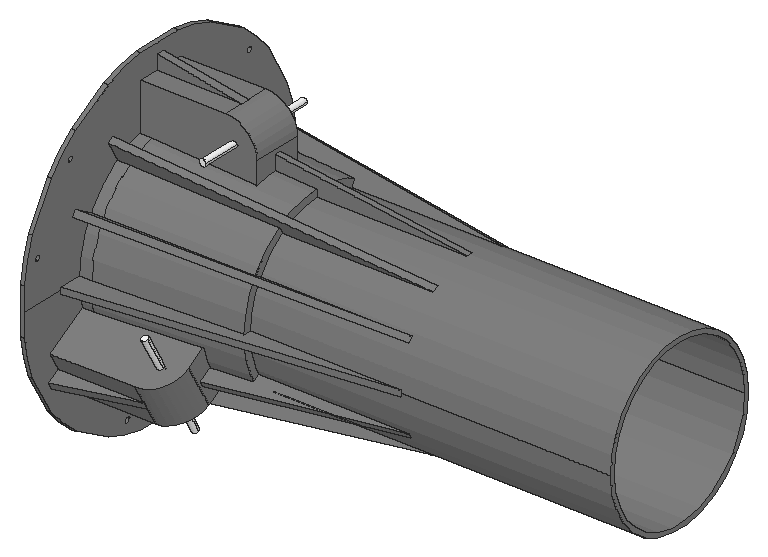
Revit family "H65FWS-RR", category Pipe Accessories, Revit 2016
Family settings
  Part Type = Breaks Into
  Round Connector Dimension = Use Diameter
  Work Plane-Based = No
  Always vertical = No
  Cut with Voids When Loaded = No
  Shared = No
Parameters
  URL = "http://www.snapcollars.com.au"
  Model = "H56FWS-RR"
  Manufacturer = "Snap Fire Systems"
  Description = "The H65FWS-RR is a high-top, cast-in fire collar for concrete slabs 150mm or thicker.\r\n\r\nThe H65FWS-RR is a high-top, cast-in fire collar for concrete slabs 150mm or thicker. Approved for floorwaste & shower applications."
  Cut Depth Offset [instance] = -1 * (Cut Depth + 1 mm)  # -1 mm
  Cut Depth [instance] = 0 mm
Reference planes
  plane 1 "Center (Front/Back)": y = 0
  plane 2: z = 0
  plane 3 "Center (Left/Right)": x = 20
  plane 4: x = -230
  plane 5: x = -80
  plane 6: y = 90.593
  plane 7: y = -50
  plane 8: y = 100.593
  plane 9: y = -60
  plane 10: x = -99.679
  plane 11: x = -79.975
Forms (mm)
  Revolve 1, solid, material "PVC-Black", detail levels medium+fine
    sketch origin (0, 0, 0) x (1, 0, 0) y (0, 1, 0)
      loop
        line (21, -39.138) -> (-152, -39.138) -> (-222.776, -46.386) -> (-230, -46.386) -> (-230, -81.386) -> (-227.967, -81.386) -> (-227.967, -48.273) -> (-221.904, -48.273) -> (-152, -44.61) -> (-152, -41.138) -> (21, -41.138) -> (21, -39.138)
      axis (-230, 0) -> (21, 0)
    angle from 0 to 360
  Extrusion 2, void
    sketch origin (-227.967, 0, 0) x (0, 1, 0) y (0, 0, -1)
      loop
        line (-21.601, -80.615) -> (21.601, -80.615) -> (59.014, -59.014) -> (80.615, -21.601) -> (80.615, 21.601) -> (59.014, 59.014) -> (21.601, 80.615) -> (-21.601, 80.615) -> (-59.014, 59.014) -> (-80.615, 21.601) -> (-80.615, -21.601) -> (-59.014, -59.014) -> (-21.601, -80.615)
      loop
        circle (0, 0) r 93.086
    from 0 to 2.033
  Extrusion 3, void
    sketch origin (-227.967, 0, 0) x (0, 1, 0) y (0, 0, -1)
      loop
        circle (53.437, -53.449) r 1.5
      loop
        circle (73.002, -19.569) r 1.5
      loop
        circle (19.569, 73.002) r 1.5
      loop
        circle (-19.553, 73.006) r 1.5
      loop
        circle (-73.006, -19.553) r 1.5
      loop
        circle (-53.449, -53.437) r 1.5
    from 0 to 2.033
  Extrusion 4, solid, material "PVC-Black", detail levels fine
    sketch origin (0, 0, 0) x (1, 0, 0) y (0, 1, 0)
      loop
        line (-80, -41.131) -> (-227.967, -59.587) -> (-227.967, -48.244) -> (-221.904, -48.244) -> (-152, -44.61) -> (-152, -41.138) -> (-80.051, -41.138)
    from -1.5 to 1.5
  Extrusion 5, solid, material "PVC-Black", detail levels medium+fine
    sketch origin (0, 0, 0) x (1, 0, 0) y (0, 0, 1)
      loop
        line (-227.967, 69.12) -> (-227.967, 41.138) -> (-171.967, 41.138) -> (-171.967, 54.12)
        arc (-171.967, 54.12) -> (-176.361, 64.727) -> (-186.967, 69.12) r 15
        line (-186.967, 69.12) -> (-227.967, 69.12)
    from -12 to 12
  Extrusion 6, solid, material "PVC-Black", detail levels fine
    sketch origin (0, 0, 0) x (1, 0, 0) y (0, 0, 1)
      loop
        line (-227.967, 75.943) -> (-227.967, 69.12) -> (-186.967, 69.12) -> (-227.967, 75.943)
    from -2 to 2
  Extrusion 7, solid, material "PVC-White", not visible, detail levels fine
    sketch origin (0, 0, 0) x (1, 0, 0) y (0, 0, 1)
      loop
        line (-80, 60.418) -> (-227.967, 86.048) -> (-227.967, 69.12) -> (-80, 60.418)
    from -1.5 to 1.5
  Extrusion 8, solid, material "PVC-White", not visible, detail levels fine
    sketch origin (0, 0, 0) x (1, 0, 0) y (0, -0.5, 0.866025)
      loop
        line (-80, 60.418) -> (-227.967, 86.048) -> (-227.967, 69.12) -> (-80, 60.418)
    from -1.5 to 1.5
  Extrusion 9, solid, material "PVC-White", not visible, detail levels fine
    sketch origin (0, 0, 0) x (1, 0, 0) y (0, -0.866025, 0.5)
      loop
        line (-80, 60.418) -> (-227.967, 86.048) -> (-227.967, 69.12) -> (-80, 60.418)
    from -1.5 to 1.5
  Extrusion 10, solid, material "PVC-White", not visible, detail levels fine
    sketch origin (0, 0, 0) x (0, -1, 0) y (-1, 0, 0)
      loop
        line (60.418, 80) -> (86.048, 227.967) -> (69.12, 227.967) -> (60.418, 80)
    from -1.5 to 1.5
  Extrusion 11, solid, material "PVC-White", not visible, detail levels fine
    sketch origin (0, 0, 0) x (1, 0, 0) y (0, -0.866025, -0.5)
      loop
        line (-80, 60.418) -> (-227.967, 86.048) -> (-227.967, 69.12) -> (-80, 60.418)
    from -1.5 to 1.5
  Extrusion 12, solid, material "PVC-White", not visible, detail levels fine
    sketch origin (0, 0, 0) x (1, 0, 0) y (0, -0.5, -0.866025)
      loop
        line (-80, 60.418) -> (-227.967, 86.048) -> (-227.967, 69.12) -> (-80, 60.418)
    from -1.5 to 1.5
  Extrusion 13, solid, material "PVC-White", not visible, detail levels fine
    sketch origin (0, 0, 0) x (1, 0, 0) y (0, 0, -1)
      loop
        line (-80, 60.418) -> (-227.967, 86.048) -> (-227.967, 69.12) -> (-80, 60.418)
    from -1.5 to 1.5
  Extrusion 14, solid, material "PVC-White", not visible, detail levels fine
    sketch origin (0, 0, 0) x (1, 0, 0) y (0, 0.5, -0.866025)
      loop
        line (-80, 60.418) -> (-227.967, 86.048) -> (-227.967, 69.12) -> (-80, 60.418)
    from -1.5 to 1.5
  Extrusion 15, solid, material "PVC-White", not visible, detail levels fine
    sketch origin (0, 0, 0) x (1, 0, 0) y (0, 0.866025, -0.5)
      loop
        line (-80, 60.418) -> (-227.967, 86.048) -> (-227.967, 69.12) -> (-80, 60.418)
    from -1.5 to 1.5
  Extrusion 16, solid, material "PVC-White", not visible, detail levels fine
    sketch origin (0, 0, 0) x (1, 0, 0) y (0, 1, 0)
      loop
        line (-80, 60.418) -> (-227.967, 86.048) -> (-227.967, 69.12) -> (-80, 60.418)
    from -1.5 to 1.5
  Extrusion 17, solid, material "PVC-White", not visible, detail levels fine
    sketch origin (0, 0, 0) x (1, 0, 0) y (0, 0.866025, 0.5)
      loop
        line (-80, 60.418) -> (-227.967, 86.048) -> (-227.967, 69.12) -> (-80, 60.418)
    from -1.5 to 1.5
  Extrusion 18, solid, material "PVC-White", not visible, detail levels fine
    sketch origin (0, 0, 0) x (1, 0, 0) y (0, 0.5, 0.866025)
      loop
        line (-80, 60.418) -> (-227.967, 86.048) -> (-227.967, 69.12) -> (-80, 60.418)
    from -1.5 to 1.5
  Extrusion 19, solid, material "PVC-White", detail levels fine
    sketch origin (-25.899, 0, -22.494) x (1, 0, 0) y (0, 0, 1)
      loop
        circle (-157.362, 79.878) r 1.5
    from -30 to 30
  Extrusion 20, solid, material "PVC-Black", detail levels fine
    sketch origin (0, 0, 0) x (1, 0, 0) y (0, 0.866025, -0.5)
      loop
        line (-80, -41.131) -> (-227.967, -59.587) -> (-227.967, -48.244) -> (-221.904, -48.244) -> (-152, -44.61) -> (-152, -41.138) -> (-80.051, -41.138)
    from -1.5 to 1.5
  Extrusion 21, solid, material "PVC-Black", detail levels fine
    sketch origin (0, 0, 0) x (1, 0, 0) y (0, 0.5, -0.866025)
      loop
        line (-80, -41.131) -> (-227.967, -59.587) -> (-227.967, -48.244) -> (-221.904, -48.244) -> (-152, -44.61) -> (-152, -41.138) -> (-80.051, -41.138)
    from -1.5 to 1.5
  Extrusion 22, solid, material "PVC-Black", detail levels fine
    sketch origin (0, 0, 0) x (1, 0, 0) y (0, 0, -1)
      loop
        line (-80, -41.131) -> (-227.967, -59.587) -> (-227.967, -48.244) -> (-221.904, -48.244) -> (-152, -44.61) -> (-152, -41.138) -> (-80.051, -41.138)
    from -1.5 to 1.5
  Extrusion 23, solid, material "PVC-Black", detail levels fine
    sketch origin (0, 0, 0) x (1, 0, 0) y (0, -0.5, -0.866025)
      loop
        line (-80, -41.131) -> (-227.967, -59.587) -> (-227.967, -48.244) -> (-221.904, -48.244) -> (-152, -44.61) -> (-152, -41.138) -> (-80.051, -41.138)
    from -1.5 to 1.5
  Extrusion 24, solid, material "PVC-Black", detail levels fine
    sketch origin (0, 0, 0) x (1, 0, 0) y (0, -0.866025, -0.5)
      loop
        line (-80, -41.131) -> (-227.967, -59.587) -> (-227.967, -48.244) -> (-221.904, -48.244) -> (-152, -44.61) -> (-152, -41.138) -> (-80.051, -41.138)
    from -1.5 to 1.5
  Extrusion 25, solid, material "PVC-Black", detail levels fine
    sketch origin (0, 0, 0) x (0, -1, 0) y (-1, 0, 0)
      loop
        line (-41.131, 80) -> (-59.587, 227.967) -> (-48.244, 227.967) -> (-48.244, 221.904) -> (-44.61, 152) -> (-41.138, 152) -> (-41.138, 80.051)
    from -1.5 to 1.5
  Extrusion 26, solid, material "PVC-Black", detail levels fine
    sketch origin (0, 0, 0) x (1, 0, 0) y (0, -0.866025, 0.5)
      loop
        line (-80, -41.131) -> (-227.967, -59.587) -> (-227.967, -48.244) -> (-221.904, -48.244) -> (-152, -44.61) -> (-152, -41.138) -> (-80.051, -41.138)
    from -1.5 to 1.5
  Extrusion 27, solid, material "PVC-Black", detail levels fine
    sketch origin (0, 0, 0) x (1, 0, 0) y (0, -0.5, 0.866025)
      loop
        line (-80, -41.131) -> (-227.967, -59.587) -> (-227.967, -48.244) -> (-221.904, -48.244) -> (-152, -44.61) -> (-152, -41.138) -> (-80.051, -41.138)
    from -1.5 to 1.5
  Extrusion 28, solid, material "PVC-Black", detail levels fine
    sketch origin (0, 0, 0) x (1, 0, 0) y (0, 0, 1)
      loop
        line (-80, -41.131) -> (-227.967, -59.587) -> (-227.967, -48.244) -> (-221.904, -48.244) -> (-152, -44.61) -> (-152, -41.138) -> (-80.051, -41.138)
    from -1.5 to 1.5
  Extrusion 29, solid, material "PVC-Black", detail levels fine
    sketch origin (0, 0, 0) x (1, 0, 0) y (0, 0.5, 0.866025)
      loop
        line (-80, -41.131) -> (-227.967, -59.587) -> (-227.967, -48.244) -> (-221.904, -48.244) -> (-152, -44.61) -> (-152, -41.138) -> (-80.051, -41.138)
    from -1.5 to 1.5
  Extrusion 30, solid, material "PVC-Black", detail levels fine
    sketch origin (0, 0, 0) x (1, 0, 0) y (0, 0.866025, 0.5)
      loop
        line (-80, -41.131) -> (-227.967, -59.587) -> (-227.967, -48.244) -> (-221.904, -48.244) -> (-152, -44.61) -> (-152, -41.138) -> (-80.051, -41.138)
    from -1.5 to 1.5
  Extrusion 31, solid, material "PVC-Black", detail levels medium+fine
    sketch origin (0, 0, 0) x (1, 0, 0) y (0, 0.866025, -0.5)
      loop
        line (-227.967, 69.12) -> (-227.967, 41.138) -> (-171.967, 41.138) -> (-171.967, 54.12)
        arc (-171.967, 54.12) -> (-176.361, 64.727) -> (-186.967, 69.12) r 15
        line (-186.967, 69.12) -> (-227.967, 69.12)
    from -12 to 12
  Extrusion 32, solid, material "PVC-Black", detail levels fine
    sketch origin (0, 0, 0) x (1, 0, 0) y (0, 0.866025, -0.5)
      loop
        line (-227.967, 75.943) -> (-227.967, 69.12) -> (-186.967, 69.12) -> (-227.967, 75.943)
    from -2 to 2
  Extrusion 33, solid, material "PVC-White", detail levels fine
    sketch origin (-25.899, -19.481, 11.247) x (1, 0, 0) y (0, 0.866025, -0.5)
      loop
        circle (-157.362, 79.878) r 1.5
    from -30 to 30
  Extrusion 34, solid, material "PVC-Black", detail levels medium+fine
    sketch origin (0, 0, 0) x (1, 0, 0) y (0, -0.866025, -0.5)
      loop
        line (-227.967, 69.12) -> (-227.967, 41.138) -> (-171.967, 41.138) -> (-171.967, 54.12)
        arc (-171.967, 54.12) -> (-176.361, 64.727) -> (-186.967, 69.12) r 15
        line (-186.967, 69.12) -> (-227.967, 69.12)
    from -12 to 12
  Extrusion 35, solid, material "PVC-Black", detail levels fine
    sketch origin (0, 0, 0) x (1, 0, 0) y (0, -0.866025, -0.5)
      loop
        line (-227.967, 75.943) -> (-227.967, 69.12) -> (-186.967, 69.12) -> (-227.967, 75.943)
    from -2 to 2
  Extrusion 36, solid, material "PVC-White", detail levels fine
    sketch origin (-25.899, 19.481, 11.247) x (1, 0, 0) y (0, -0.866025, -0.5)
      loop
        circle (-157.362, 79.878) r 1.5
    from -30 to 30
  Extrusion 37, void
    sketch origin (21, 0, 0) x (0, -1, 0) y (0, 0, -1)
      loop
        circle (0, 0) r 50.359
    from 0 to -1 <- "Cut Depth Offset"
Cuts and joins
  Extrusion 2, Extrusion 3, Extrusion 37 cuts Revolve 1
Dimensions and locks
  plane 4 to plane 3 "Center (Left/Right)" = 250 mm
  Extrusion 7 sketch curve to Extrusion 7 sketch curve = 0 mm
  Extrusion 8 sketch curve to Extrusion 8 sketch curve = 0 mm
  Extrusion 9 sketch curve to Extrusion 9 sketch curve = 0 mm
  Extrusion 10 sketch curve to Extrusion 10 sketch curve = 0 mm
  Extrusion 11 sketch curve to Extrusion 11 sketch curve = 0 mm
  Extrusion 12 sketch curve to Extrusion 12 sketch curve = 0 mm
  Extrusion 13 sketch curve to Extrusion 13 sketch curve = 0 mm
  Extrusion 14 sketch curve to Extrusion 14 sketch curve = 0 mm
  Extrusion 15 sketch curve to Extrusion 15 sketch curve = 0 mm
  Extrusion 16 sketch curve to Extrusion 16 sketch curve = 0 mm
  Extrusion 17 sketch curve to Extrusion 17 sketch curve = 0 mm
  Extrusion 18 sketch curve to Extrusion 18 sketch curve = 0 mm
  aligned and locked: level to plane 2
  aligned and locked: plane 1 "Center (Front/Back)" to Revolve 1 sketch curve
Connectors
  piping at (-99.679, 0, 0), diameter 65
    settings: on plane 10, index 4, connector inside diameter 609.6 mm, connector length 0 mm, flow factor 0, pipe flow 0.0 L/s, pressure drop 0.0 Pa, fitting loss kfactor 0, connector angle 0.00°, fixture units 0, engagement length 0 mm, angle of deflection 0.00°, flow configuration 0, flow direction 0, fitting loss method 0, system type 7, joint type 0, gender type 0, connector reference index -1, connector utility 0, adjustable connector no, is connector primary yes, connector description ""
  piping at (-80, 0, 0), diameter 65
    settings: on plane 5, index 5, connector inside diameter 609.6 mm, connector length 0 mm, flow factor 0, pipe flow 0.0 L/s, pressure drop 0.0 Pa, fitting loss kfactor 0, connector angle 0.00°, fixture units 0, engagement length 0 mm, angle of deflection 0.00°, flow configuration 0, flow direction 0, fitting loss method 0, system type 7, joint type 0, gender type 0, connector reference index -1, connector utility 0, adjustable connector no, is connector primary no, connector description ""
